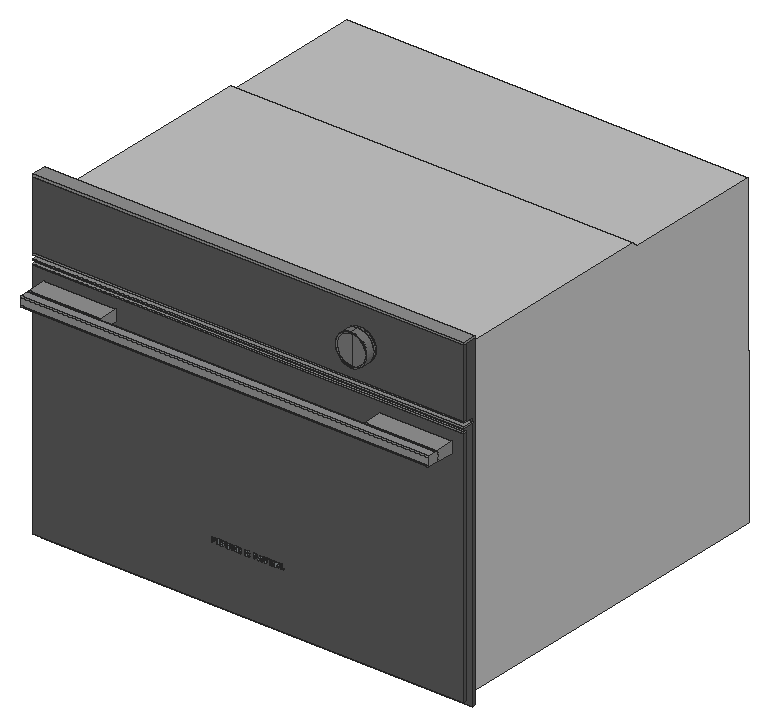
Revit family "FP-Revit19-en-OS60NMLB1-CombinationSteamOven-0-90003173A-AU-NZ-CN-IE-UK", category Specialty Equipment, Revit 2019
Family settings
  Round Connector Dimension = Use Diameter
  Part Type = Normal
  OmniClass Number = 23.40.40.14.17.11
  OmniClass Title = Cookers, Ovens, Stoves
  Work Plane-Based = No
  Always vertical = Yes
  Cut with Voids When Loaded = Yes
  Shared = No
  Room Calculation Point = No
Parameters (values of type "OS60NMLB1")
  Visibility - Clearance Required = yes
  URL = "www.fisherpaykel.com"
  Product - Height = 458 mm  # constant formula
  Product - Width = 596 mm  # constant formula
  Product - Depth (Exc. Handles) = 565 mm  # constant formula
  Opening - Height = 460 mm  # constant formula
  Model = "OS60NMLB1"
  Material - Trim = Fisher & Paykel - Aluminium, Dark
  Material - Structure = Fisher & Paykel - Black
  Material - Handle = Fisher & Paykel - Aluminium, Dark
  Material - Glass = Fisher & Paykel - Glass, Black
  Material - Dial = Fisher & Paykel - Aluminium, Dark, Matt
  Material - Body = Fisher & Paykel - Grey
  Manufacturer = "Fisher & Paykel Appliances"
  FFL Offset [instance] = 900 mm
  Description = "Combination Steam Oven, 60cm, 18 Function"
  Connector Description - Electrical = "220-240V, 50Hz ,15A"
  Chassis - Width = 556 mm  # constant formula
  Chassis - Height = 435 mm  # constant formula
  Chassis - Depth = 545 mm  # constant formula
  Cavity - Width = 560 mm  # constant formula
  Cavity - Height = 440 mm  # constant formula
  Cavity - Depth = 550 mm  # constant formula
Reference planes
  plane 1 "Datum": y = 0
  plane 2: z = -2
  plane 3 "Center (Left/Right)": x = 0
  plane 4 "Product - LHS": x = -298
  plane 5 "Product - RHS": x = 298
  plane 6 "Cavity - RHS": x = 280
  plane 7 "FFL Offset": z = 898
  plane 8 "Chassis - Depth": y = 545
  plane 9 "Front Face": y = -20
  plane 10 "Chassis - Height": z = 1333
  plane 11 "Cavity - Height": z = 1338
  plane 12 "Opening - Height": z = 1358
  plane 13 "Cavity - LHS": x = -280
  plane 14 "Cavity - Depth": y = 550
  plane 15 "Product - Height": z = 1356
  plane 16 "Opening - RHS": x = 300
  plane 17 "Opening - LHS": x = -300
  plane 18 "Chassis - LHS": x = -278
  plane 19 "Chassis - RHS": x = 278
Forms (mm)
  Extrusion 1, solid, material "Fisher & Paykel - Grey" <- "Material - Body"
    sketch origin (0, 0, 0) x (0, 1, 0) y (0, 0, 1)
      loop
        line (0, 1333) -> (0, 898) -> (528, 898) -> (528, 948) -> (545, 968) -> (545, 1163) -> (498, 1218) -> (498, 1326) -> (305, 1326) -> (298, 1333) -> (0, 1333)
    from -278 to 278
  Extrusion 2, solid, material "Fisher & Paykel - Black" <- "Material - Structure", detail levels fine
    sketch origin (0, 0, 0) x (0, 1, 0) y (0, 0, 1)
      loop
        line (0, 1352.7) -> (-16, 1352.7) -> (-16, 1256) -> (-4, 1256) -> (-4, 898) -> (0, 898) -> (0, 1352.7)
    from -298 to 298
  Extrusion 3, solid, material "Fisher & Paykel - Glass, Black" <- "Material - Glass", detail levels fine
    sketch origin (0, 0, -3) x (0, 1, 0) y (0, 0, 1)
      loop
        line (-20, 1246.4) -> (-20, 912.8) -> (-16, 912.8) -> (-16, 1246.4) -> (-20, 1246.4)
      loop
        line (-20, 1260.8) -> (-16, 1260.8) -> (-16, 1355.7) -> (-20, 1355.7) -> (-20, 1260.8)
    from -298 to 298
  Extrusion 4, solid, material "Fisher & Paykel - Clearance Required", visible <- "Visibility - Clearance Required", detail levels coarse
    sketch origin (0, 0, -2) x (1, 0, 0) y (0, 1, 0)
      loop
        line (-280, 0) -> (280, 0) -> (280, 550) -> (-280, 550) -> (-280, 0)
    from 900 to 1340
  Extrusion 5, void
    sketch origin (0, 0, 0) x (0, 1, 0) y (0, 0, 1)
      loop
        line (-20, 898) -> (0, 898) -> (0, 1358) -> (-20, 1358) -> (-20, 898)
    from -300 to 300
  Extrusion 6, solid, material "Fisher & Paykel - Grey" <- "Material - Body"
    sketch origin (0, 2, 0) x (0, 1, 0) y (0, 0, 1)
      loop
        line (496, 1293.999) -> (496, 1237) -> (517.999, 1237) -> (517.999, 1293.999) -> (496, 1293.999)
    from -221 to -127
  Extrusion 7, solid, material "Fisher & Paykel - Aluminium, Dark" <- "Material - Trim", detail levels fine
    sketch origin (0, 0, -1.199) x (0, 1, 0) y (0, 0, 1)
      loop
        line (-16, 1257.199) -> (-16, 1258.999) -> (-20, 1258.999) -> (-20, 1257.199) -> (-16, 1257.199)
      loop
        line (-16, 1244.599) -> (-16, 1246.199) -> (-20, 1246.199) -> (-20, 1244.599) -> (-16, 1244.599)
      loop
        line (-4, 1250.799) -> (-4, 1252.399) -> (-20, 1252.399) -> (-20, 1250.799) -> (-4, 1250.799)
      loop
        line (0, 1353.899) -> (0, 1357.199) -> (-20, 1357.199) -> (-20, 1353.899) -> (0, 1353.899)
    from -298 to 298
  Extrusion 8, void
    sketch origin (0, 0, -2) x (1, 0, 0) y (0, 1, 0)
      loop
        line (201.865, 545) -> (229, 498) -> (278, 498) -> (278, 545) -> (201.865, 545)
      loop
        line (-201.865, 545) -> (-278, 545) -> (-278, 498) -> (-229, 498) -> (-201.865, 545)
    from 900 to 1340
  Extrusion 9, solid, material "Fisher & Paykel - Grey" <- "Material - Body"
    sketch origin (0, 6.626, -14.403) x (0, 1, 0) y (0, 0, 1)
      loop
        circle (501.374, 1279.903) r 5
    from -271 to -221
  Extrusion 10, void
    sketch origin (0, 0, -2) x (1, 0, 0) y (0, 1, 0)
      loop
        line (-280, 0) -> (280, 0) -> (280, 550) -> (-280, 550) -> (-280, 0)
    from 900 to 1340
  Extrusion 11, solid, material "Fisher & Paykel - Glass, Black" <- "Material - Glass", detail levels coarse+medium
    sketch origin (0, 0, 0) x (0, 1, 0) y (0, 0, 1)
      loop
        line (0, 1356) -> (-20, 1356) -> (-20, 1256) -> (-4, 1256) -> (-4, 1251.2) -> (-4, 1242.5) -> (-16, 1242.5) -> (-16, 1245) -> (-20, 1245) -> (-20, 909.8) -> (-4, 909.8) -> (-4, 898) -> (0, 898) -> (0, 1356)
    from -298 to 298
  Extrusion 12, solid, material "Fisher & Paykel - Black", detail levels fine
    sketch origin (0, 0, 0) x (0, 1, 0) y (0, 0, 1)
      loop
        line (-16, 1242.5) -> (-16, 909.8) -> (-4, 909.8) -> (-4, 1242.5) -> (-16, 1242.5)
    from -278 to 278
  Extrusion 13, solid, material "Fisher & Paykel - Clearance Required", visible <- "Visibility - Clearance Required", detail levels coarse
    sketch origin (0, 0, -15) x (0, 1, 0) y (0, 0, 1)
      loop
        line (-20, 927.07) -> (-20, 913) -> (0, 913) -> (0, 1373) -> (-20, 1373) -> (-20, 1260)
        arc (-20, 1260) -> (-242.697, 1184.786) -> (-349.951, 975.626) r 312.455
        line (-349.951, 975.626) -> (-323.58, 971.745) -> (-329.921, 928.657) -> (-313.601, 926.256) -> (-307.26, 969.344) -> (-20, 927.07)
    from -300 to 300
Cuts and joins
  Extrusion 8 cuts Extrusion 1
Text (mm)
  text "Due to ongoing product development, product details are subject to change without notice. \nPlease always refer to www.fisherpaykel.com for the most current product information. \n© Fisher & Paykel 2020" at (41.04, -613.295, 0), in view "Ref. Level (Plan)"
Dimensions and locks
  equal spacing: plane 4 "Product - LHS", plane 3 "Center (Left/Right)", plane 5 "Product - RHS"
  "Product - Width": plane 4 "Product - LHS" to plane 5 "Product - RHS"
  "FFL Offset": plane 7 "FFL Offset" to level
  locked: plane 9 "Front Face" to plane 1 "Datum" at 20
  "Cavity - Height": plane 11 "Cavity - Height" to plane 7 "FFL Offset"
  "Chassis - Height": plane 10 "Chassis - Height" to plane 7 "FFL Offset"
  "Cavity - Depth": plane 1 "Datum" to plane 14 "Cavity - Depth"
  "Cavity - Width": plane 13 "Cavity - LHS" to plane 6 "Cavity - RHS"
  Extrusion 5 to Extrusion 3 = 11.8 mm
  "Chassis - Depth": plane 1 "Datum" to plane 8 "Chassis - Depth"
  equal spacing: plane 13 "Cavity - LHS", plane 3 "Center (Left/Right)", plane 6 "Cavity - RHS"
  "Opening - Height": plane 7 "FFL Offset" to plane 12 "Opening - Height"
  "Product - Height": plane 7 "FFL Offset" to plane 15 "Product - Height"
  equal spacing: cut or joined group of Extrusion 1, Extrusion 8, plane 3 "Center (Left/Right)", cut or joined group of Extrusion 1, Extrusion 8
  "Chassis - Width": cut or joined group of Extrusion 1, Extrusion 8 to cut or joined group of Extrusion 1, Extrusion 8
  locked: nested 2 to plane 15 "Product - Height" at 366.018
  locked: plane 15 "Product - Height" to nested 3 at 135
  locked: nested 1 to plane 15 "Product - Height" at 52
  aligned and locked: level to plane 2
  aligned and locked: plane 4 "Product - LHS" to Extrusion 3
  aligned and locked: Extrusion 3 to plane 5 "Product - RHS"
  aligned and locked: plane 4 "Product - LHS" to Extrusion 2
  aligned and locked: Extrusion 2 to plane 5 "Product - RHS"
  aligned and locked: Extrusion 1 to plane 7 "FFL Offset"
  aligned and locked: Extrusion 7 to plane 5 "Product - RHS"
  aligned and locked: Extrusion 7 to Extrusion 3
  aligned and locked: Extrusion 5 to Extrusion 3
  aligned and locked: Extrusion 3 to Extrusion 7
  aligned and locked: Extrusion 7 to plane 1 "Datum"
  aligned and locked: plane 9 "Front Face" to Extrusion 5
  aligned and locked: Extrusion 4 to plane 6 "Cavity - RHS"
  aligned and locked: Extrusion 9 to Extrusion 6
  aligned and locked: plane 11 "Cavity - Height" to Extrusion 4
  aligned and locked: Extrusion 5 to plane 12 "Opening - Height"
  aligned and locked: Extrusion 5 to Extrusion 2
  aligned and locked: Extrusion 7 to plane 15 "Product - Height"
  aligned and locked: Extrusion 7 to Extrusion 2
  aligned and locked: Extrusion 8 to Extrusion 1
  aligned and locked: Extrusion 4 to Extrusion 2
  aligned and locked: Extrusion 4 to Extrusion 8
  aligned and locked: Extrusion 4 to plane 7 "FFL Offset"
  aligned and locked: Extrusion 1 to Extrusion 8
  aligned and locked: Extrusion 11 sketch curve to plane 15 "Product - Height"
  aligned and locked: plane 11 "Cavity - Height" to Extrusion 10
  aligned and locked: Extrusion 2 to Extrusion 10
  aligned and locked: plane 10 "Chassis - Height" to Extrusion 1
  aligned and locked: Extrusion 3 to Extrusion 12
  aligned and locked: Extrusion 2 to Extrusion 3
Automatic sketch dimensions
  Extrusion 1 sketch curve to plane 1 "Datum" = 0 mm
  Extrusion 1 sketch curve to plane 10 "Chassis - Height" = 0 mm
  Extrusion 1 sketch curve to plane 7 "FFL Offset" = 0 mm
  Extrusion 1 sketch curve to plane 8 "Chassis - Depth" = 0 mm
  Extrusion 1 sketch curve to Extrusion 1 sketch curve = 7 mm
  Extrusion 1 sketch curve to plane 10 "Chassis - Height" = 7 mm
  plane 7 "FFL Offset" to Extrusion 1 sketch curve = 50 mm
  Extrusion 1 sketch curve to Extrusion 1 sketch curve = 20 mm
  Extrusion 1 sketch curve to Extrusion 1 sketch curve = 163 mm
  Extrusion 1 sketch curve to Extrusion 1 sketch curve = 55 mm
  Extrusion 2 sketch curve to plane 7 "FFL Offset" = 0 mm
  Extrusion 2 sketch curve to plane 1 "Datum" = 0 mm
  plane 1 "Datum" to Extrusion 2 sketch curve = 4 mm
  Extrusion 2 sketch curve to plane 9 "Front Face" = 4 mm
  Extrusion 2 sketch curve to plane 10 "Chassis - Height" = 77 mm
  plane 15 "Product - Height" to Extrusion 2 sketch curve = 3.3 mm
  Extrusion 3 sketch curve to plane 9 "Front Face" = 0 mm  (x2)
  Extrusion 3 sketch curve to Extrusion 3 sketch curve = 4 mm  (x2)
  plane 7 "FFL Offset" to Extrusion 3 sketch curve = 11.8 mm
  Extrusion 3 sketch curve to plane 10 "Chassis - Height" = 89.6 mm
  Extrusion 3 sketch curve to Extrusion 3 sketch curve = 14.4 mm
  plane 15 "Product - Height" to Extrusion 3 sketch curve = 3.3 mm
  Extrusion 4 sketch curve to plane 13 "Cavity - LHS" = 0 mm
  Extrusion 4 sketch curve to plane 6 "Cavity - RHS" = 0 mm
  plane 1 "Datum" to Extrusion 4 sketch curve = 0 mm
  Extrusion 4 sketch curve to plane 14 "Cavity - Depth" = 0 mm
  Extrusion 5 sketch curve to plane 9 "Front Face" = 0 mm
  Extrusion 5 sketch curve to plane 1 "Datum" = 0 mm
  Extrusion 5 sketch curve to plane 7 "FFL Offset" = 0 mm
  plane 12 "Opening - Height" to Extrusion 5 sketch curve = 0 mm
  Extrusion 6 sketch curve to Extrusion 6 sketch curve = 21.999 mm
  Extrusion 6 sketch curve to plane 10 "Chassis - Height" = 96 mm
  Extrusion 6 sketch curve to plane 10 "Chassis - Height" = 39.001 mm
  Extrusion 7 sketch curve to plane 9 "Front Face" = 0 mm  (x4)
  Extrusion 7 sketch curve to plane 1 "Datum" = 0 mm
  plane 15 "Product - Height" to Extrusion 7 sketch curve = 0 mm
  Extrusion 7 sketch curve to Extrusion 7 sketch curve = 4 mm  (x2)
  plane 1 "Datum" to Extrusion 7 sketch curve = 4 mm
  plane 15 "Product - Height" to Extrusion 7 sketch curve = 3.3 mm
  Extrusion 7 sketch curve to plane 10 "Chassis - Height" = 75.2 mm
  Extrusion 7 sketch curve to Extrusion 7 sketch curve = 1.8 mm
  Extrusion 7 sketch curve to Extrusion 7 sketch curve = 4.8 mm
  Extrusion 7 sketch curve to Extrusion 7 sketch curve = 1.6 mm  (x2)
  Extrusion 7 sketch curve to Extrusion 7 sketch curve = 4.6 mm
  Extrusion 8 sketch curve to plane 8 "Chassis - Depth" = 0 mm  (x2)
  Extrusion 8 sketch curve to plane 18 "Chassis - LHS" = 0 mm
  Extrusion 8 sketch curve to plane 19 "Chassis - RHS" = 0 mm
  Extrusion 8 sketch curve to Extrusion 8 sketch curve = 49 mm  (x2)
  Extrusion 8 sketch curve to Extrusion 8 sketch curve = 27.135 mm
  Extrusion 8 sketch curve to Extrusion 8 sketch curve = 76.135 mm
  Extrusion 9 sketch curve to plane 10 "Chassis - Height" = 67.5 mm
  Extrusion 10 sketch curve to plane 13 "Cavity - LHS" = 0 mm
  Extrusion 10 sketch curve to plane 6 "Cavity - RHS" = 0 mm
  plane 1 "Datum" to Extrusion 10 sketch curve = 0 mm
  Extrusion 10 sketch curve to plane 14 "Cavity - Depth" = 0 mm
  Extrusion 13 sketch curve to plane 9 "Front Face" = 0 mm  (x2)
  Extrusion 13 sketch curve to plane 1 "Datum" = 0 mm
  Extrusion 13 sketch curve to plane 7 "FFL Offset" = 0 mm
  plane 12 "Opening - Height" to Extrusion 13 sketch curve = 0 mm
  plane 9 "Front Face" to Extrusion 13 sketch curve = 18.71 mm
  plane 7 "FFL Offset" to Extrusion 13 sketch curve = 56.344 mm
  Extrusion 13 sketch curve to Extrusion 13 sketch curve = 268.55 mm
  plane 7 "FFL Offset" to Extrusion 13 sketch curve = 13.256 mm
  Extrusion 13 sketch curve to Extrusion 13 sketch curve = 6.341 mm
  plane 7 "FFL Offset" to Extrusion 13 sketch curve = 58.745 mm
  Extrusion 13 sketch curve to Extrusion 13 sketch curve = 16.32 mm
  plane 7 "FFL Offset" to Extrusion 13 sketch curve = 62.626 mm
  Extrusion 13 sketch curve to Extrusion 13 sketch curve = 21.035 mm
  Extrusion 11 sketch curve to plane 9 "Front Face" = 0 mm  (x2)
  Extrusion 11 sketch curve to plane 7 "FFL Offset" = 0 mm
  Extrusion 11 sketch curve to plane 1 "Datum" = 0 mm
  Extrusion 11 sketch curve to Extrusion 11 sketch curve = 4 mm
  plane 1 "Datum" to Extrusion 11 sketch curve = 4 mm  (x2)
  plane 7 "FFL Offset" to Extrusion 11 sketch curve = 11.8 mm
  Extrusion 11 sketch curve to plane 10 "Chassis - Height" = 90.5 mm
  Extrusion 11 sketch curve to Extrusion 11 sketch curve = 2.5 mm
  Extrusion 11 sketch curve to Extrusion 11 sketch curve = 8.7 mm
  Extrusion 11 sketch curve to Extrusion 11 sketch curve = 11 mm
  Extrusion 12 sketch curve to plane 9 "Front Face" = 4 mm
  plane 1 "Datum" to Extrusion 12 sketch curve = 4 mm
  plane 7 "FFL Offset" to Extrusion 12 sketch curve = 11.8 mm
  Extrusion 12 sketch curve to plane 10 "Chassis - Height" = 90.5 mm
  Extrusion 1 sketch curve to plane 8 "Chassis - Depth" = 247 mm
  Extrusion 1 sketch curve to plane 8 "Chassis - Depth" = 47 mm
  Extrusion 1 sketch curve to plane 8 "Chassis - Depth" = 17 mm
  Extrusion 6 sketch curve to plane 8 "Chassis - Depth" = 47 mm
  Extrusion 8 sketch curve to plane 8 "Chassis - Depth" = 47 mm  (x2)
  Extrusion 9 sketch curve to plane 8 "Chassis - Depth" = 37 mm
  radius of Extrusion 9 sketch curve = 5 mm
Nested families
  nested 1: "F&P Dial Minimal Oven" at (155.3, -20, 1304), type "F&P Dial Minimal Oven"
  nested 2: "F&P Logo 100mm" at (0.044, -20, 987.177), type "Grey"
  nested 3: "F&P Handle Contemporary Square Fine OB60-24" at (0, -20, 1221.022), type "Aluminium Black"
Connectors
  electrical at (-271, 508, 1265.5), driven by "Connector Description - Electrical"
    settings: on Extrusion 9, index 1, voltage 230 V, apparent load 0 VA, apparent load phase1 0 VA, apparent load phase2 0 VA, apparent load phase3 0 VA, power factor 1, load classification "Other", number of poles 1, system type 30, power factor state 1, is connector primary yes, connector utility no, sub classification motor no, connector description "220-240V, 50Hz ,15A"
Definition of nested family "F&P Dial Minimal Oven"
  Parameters (values of type "F&P Dial Minimal Oven")
    URL = "www.fisherpaykel.com"
    Material - Buttons and Dials = none
    Manufacturer = "Fisher & Paykel Appliances"
  Reference planes
    plane 1 "Center (Front/Back)": y = 0
    plane 2: z = 0
    plane 3 "Center (Left/Right)": x = 0
    plane 4: x = 0
    plane 5 "Dial": z = 0
  Forms (mm)
    Revolve 1, solid, material <- "Material - Buttons and Dials", detail levels fine
      sketch origin (0, 0, 0) x (0, 1, 0) y (0, 0, 1)
        loop
          line (-15.2, 0) -> (0, 0) -> (0, 22) -> (-0.8, 22) -> (-0.8, 18.5) -> (-4.2, 18.5) -> (-4.2, 20.136) -> (-4.7, 22) -> (-15.8, 22) -> (-15.8, 21.2) -> (-15.301, 20) -> (-15.301, 0)
        axis (-15.8, 0) -> (0, 0)
      angle from 0 to 360
    Revolve 2, solid, material <- "Material - Buttons and Dials", detail levels coarse+medium
      sketch origin (0, 0, 0) x (0, 1, 0) y (0, 0, 1)
        loop
          line (0, 18.5) -> (-4.2, 18.5) -> (-4.2, 22) -> (-15.8, 22) -> (-15.8, 0) -> (0, 0) -> (0, 18.5)
        axis (-15.8, 0) -> (0, 0)
      angle from 0 to 360
  Dimensions and locks
    aligned and locked: level to plane 2
Definition of nested family "F&P Logo 100mm"
  Parameters (values of type "Grey")
    URL = "www.fisherpaykel.com"
    Material - Logo = none
    Manufacturer = "Fisher & Paykel Appliances"
  Reference planes
    plane 1 "Center (Front/Back)": y = 0
    plane 2: z = 0
    plane 3 "Center (Left/Right)": x = 0
    plane 4 "Logo": z = 2.805
  Forms (mm)
    Extrusion 1, solid, material <- "Material - Logo", detail levels fine
      sketch origin (0, 0, 0) x (1, 0, 0) y (0, 0, 1)
        loop
          line (-50.044, 0) -> (-48.47, 0) -> (-48.47, 2.138) -> (-46.011, 2.138) -> (-46.011, 3.472) -> (-48.47, 3.472) -> (-48.47, 4.712) -> (-45.795, 4.712) -> (-45.795, 6.04) -> (-50.044, 6.04) -> (-50.044, 0)
        loop
          line (-42.804, 6.04) -> (-42.804, 0) -> (-41.23, 0) -> (-41.23, 6.04) -> (-42.804, 6.04)
        loop
          line (-30.724, 6.04) -> (-30.724, 0) -> (-29.151, 0) -> (-29.151, 2.42) -> (-26.839, 2.42) -> (-26.839, 0) -> (-25.265, 0) -> (-25.265, 6.04) -> (-26.839, 6.04) -> (-26.839, 3.748) -> (-29.151, 3.748) -> (-29.151, 6.04) -> (-30.724, 6.04)
        loop
          line (-21.906, 6.04) -> (-21.906, 0) -> (-17.602, 0) -> (-17.602, 1.328) -> (-20.347, 1.328) -> (-20.347, 2.42) -> (-17.838, 2.42) -> (-17.838, 3.748) -> (-20.347, 3.748) -> (-20.347, 4.712) -> (-17.602, 4.712) -> (-17.602, 6.04) -> (-21.906, 6.04)
        loop
          line (45.667, 6.04) -> (45.667, 0) -> (49.956, 0) -> (49.956, 1.328) -> (47.241, 1.328) -> (47.241, 6.04) -> (45.667, 6.04)
        loop
          line (42.431, 6.04) -> (38.112, 6.04) -> (38.112, 0) -> (42.431, 0) -> (42.431, 1.328) -> (39.687, 1.328) -> (39.687, 2.42) -> (42.195, 2.42) -> (42.195, 3.748) -> (39.687, 3.748) -> (39.687, 4.712) -> (42.431, 4.712) -> (42.431, 6.04)
        loop
          line (33.443, 3.137) -> (35.683, 6.04) -> (33.844, 6.04) -> (31.915, 3.542) -> (31.915, 6.04) -> (30.342, 6.04) -> (30.342, 0) -> (31.915, 0) -> (31.915, 2.705) -> (33.903, 0) -> (35.747, 0) -> (33.443, 3.137)
        loop
          line (21.98, 6.04) -> (24.262, 2.42) -> (24.262, 0) -> (25.837, 0) -> (25.837, 2.341) -> (28.119, 6.04) -> (26.446, 6.04) -> (25.099, 3.707) -> (23.753, 6.04) -> (21.98, 6.04)
        loop
          line (18.479, 6.04) -> (16.983, 6.04) -> (14.524, 0) -> (16.069, 0) -> (16.501, 1.112) -> (18.786, 1.112) -> (19.219, 0) -> (20.938, 0) -> (18.479, 6.04)
        loop
          line (18.4, 2.439) -> (17.693, 4.174) -> (17.018, 2.439) -> (18.4, 2.439)
        loop
          line (8.031, 6.04) -> (8.031, 0) -> (9.605, 0) -> (9.605, 1.938) -> (10.599, 1.938)
          arc (10.599, 1.938) -> (12.65, 3.989) -> (10.599, 6.04) r 2.051
          line (10.599, 6.04) -> (8.031, 6.04)
        loop
          line (9.605, 4.712) -> (9.605, 3.197) -> (10.501, 3.197)
          arc (10.501, 3.197) -> (11.259, 3.954) -> (10.501, 4.712) r 0.757
          line (10.501, 4.712) -> (9.605, 4.712)
        loop
          line (-11.783, 6.04) -> (-14.366, 6.04) -> (-14.366, 0) -> (-12.792, 0) -> (-12.792, 1.336) -> (-11.992, 1.336) -> (-10.972, 0) -> (-9.153, 0) -> (-10.694, 1.973)
          arc (-10.694, 1.973) -> (-9.678, 4.424) -> (-11.783, 6.04) r 2.179
        loop
          line (-11.897, 4.712) -> (-12.792, 4.712) -> (-12.792, 3.053) -> (-11.897, 3.053)
          arc (-11.897, 3.053) -> (-11.068, 3.882) -> (-11.897, 4.712) r 0.83
        loop
          line (0.477, 4.712) -> (0.477, 6.153) -> (-3.575, 6.153) -> (-3.575, 4.851) -> (-2.974, 4.112)
          arc (-2.974, 4.112) -> (-3.51, 0.684) -> (-0.045, 0.512) r 2.334
          line (-0.045, 0.512) -> (0.46, -0.109) -> (2.246, -0.109) -> (0.86, 1.594) -> (2.061, 3.324) -> (0.443, 3.324) -> (-0.013, 2.667) -> (-1.677, 4.712) -> (0.477, 4.712)
        loop
          arc (-2.125, 3.068) -> (-2.269, 1.668) -> (-0.868, 1.524) r 0.996
          line (-0.868, 1.524) -> (-2.125, 3.068)
        loop
          line (-35.18, 3.634) -> (-36.516, 3.91)
          arc (-36.516, 3.91) -> (-37.049, 4.443) -> (-36.516, 4.976) r 0.533
          arc (-36.516, 4.976) -> (-35.235, 4.79) -> (-34.059, 4.248) r 4.505
          line (-34.059, 4.248) -> (-34.059, 5.743)
          arc (-34.059, 5.743) -> (-35.549, 6.179) -> (-37.1, 6.109) r 4.726
          arc (-37.1, 6.109) -> (-38.536, 4.335) -> (-37.1, 2.561) r 1.814
          line (-37.1, 2.561) -> (-35.754, 2.282)
          arc (-35.754, 2.282) -> (-35.221, 1.749) -> (-35.754, 1.216) r 0.533
          arc (-35.754, 1.216) -> (-37.035, 1.402) -> (-38.211, 1.945) r 4.505
          line (-38.211, 1.945) -> (-38.211, 0.449)
          arc (-38.211, 0.449) -> (-36.72, 0.013) -> (-35.169, 0.083) r 4.726
          arc (-35.169, 0.083) -> (-33.734, 1.863) -> (-35.18, 3.634) r 1.814
      from 0 to 0.8
  Dimensions and locks
    aligned and locked: level to plane 2
Definition of nested family "F&P Handle Contemporary Square Fine OB60-24"
  Parameters (values of type "Aluminium Black")
    URL = "www.fisherpaykel.com"
    Material - Handle = none
    Manufacturer = "Fisher & Paykel Appliances"
    Handle - Length = 565 mm
  Reference planes
    plane 1 "Center (Front/Back)": y = 0
    plane 2: z = 0
    plane 3 "Center (Left/Right)": x = 0
    plane 4 "Product LHS": x = -282.5
    plane 5 "Product RHS": x = 282.5
    plane 6 "LHS Standoff": x = -182.495
    plane 7 "RHS Standoff": x = 182.505
    plane 8 "Handle centre": z = -0.022
    plane 9: z = -0.022
  Forms (mm)
    Extrusion 1, solid, material <- "Material - Handle", detail levels fine
      sketch origin (0, 0, 0) x (0, 1, 0) y (0, 0, 1)
        loop
          arc (-26.813, 6.16) -> (-27.196, 6.554) -> (-27.728, 6.686) r 1
          line (-27.728, 6.686) -> (-40.035, 6.256)
          arc (-40.035, 6.256) -> (-40.719, 5.951) -> (-41, 5.257) r 1
          line (-41, 5.257) -> (-41, -5.257)
          arc (-41, -5.257) -> (-40.719, -5.951) -> (-40.035, -6.256) r 1
          line (-40.035, -6.256) -> (-27.709, -6.686)
          arc (-27.709, -6.686) -> (-27.175, -6.554) -> (-26.792, -6.158) r 1
          arc (-26.792, -6.158) -> (-25.256, 0.004) -> (-26.813, 6.16) r 13.038
      from -282.5 to 282.5
    Extrusion 2, solid, material <- "Material - Handle", detail levels fine
      sketch origin (0, 0, 0) x (0, 1, 0) y (0, 0, 1)
        loop
          arc (-26.626, -6.008) -> (-26.614, -6.49) -> (-26.2, -6.737) r 0.5
          line (-26.2, -6.737) -> (0, -7.696) -> (0, 7.704) -> (-26.174, 6.747)
          arc (-26.174, 6.747) -> (-26.587, 6.5) -> (-26.6, 6.019) r 0.5
          arc (-26.6, 6.019) -> (-25.156, 0.002) -> (-26.626, -6.008) r 13.136
      from 182.505 to 282.5
    Extrusion 3, solid, material <- "Material - Handle", detail levels coarse+medium
      sketch origin (0, 0, 0) x (1, 0, 0) y (0, 1, 0)
        loop
          line (-282.5, -42) -> (282.5, -42) -> (282.5, 0) -> (182.505, 0) -> (182.505, -26.156) -> (-182.495, -26.156) -> (-182.495, 0) -> (-282.5, 0) -> (-282.5, -42)
      from -8.022 to 7.978
    Extrusion 4, solid, material <- "Material - Handle", detail levels fine
      sketch origin (0, 0, 0) x (0, 1, 0) y (0, 0, 1)
        loop
          arc (-26.626, -6.008) -> (-26.614, -6.49) -> (-26.2, -6.737) r 0.5
          line (-26.2, -6.737) -> (0, -7.696) -> (0, 7.704) -> (-26.174, 6.747)
          arc (-26.174, 6.747) -> (-26.587, 6.5) -> (-26.6, 6.019) r 0.5
          arc (-26.6, 6.019) -> (-25.156, 0.002) -> (-26.626, -6.008) r 13.136
      from -282.5 to -182.495
  Dimensions and locks
    equal spacing: plane 4 "Product LHS", plane 3 "Center (Left/Right)", plane 5 "Product RHS"
    "Handle - Length": plane 4 "Product LHS" to plane 5 "Product RHS"
    locked: plane 4 "Product LHS" to plane 6 "LHS Standoff" at 100.005
    locked: plane 7 "RHS Standoff" to plane 5 "Product RHS" at 99.995
    aligned and locked: level to plane 2
    aligned and locked: Extrusion 1 to plane 5 "Product RHS"
    aligned and locked: plane 4 "Product LHS" to Extrusion 1
    aligned and locked: Extrusion 2 to plane 5 "Product RHS"
    aligned and locked: plane 4 "Product LHS" to Extrusion 3 sketch curve
    aligned and locked: Extrusion 3 sketch curve to plane 5 "Product RHS"
    aligned and locked: Extrusion 3 sketch curve to plane 7 "RHS Standoff"
    aligned and locked: plane 6 "LHS Standoff" to Extrusion 3 sketch curve
    aligned and locked: plane 4 "Product LHS" to Extrusion 4
    aligned and locked: plane 6 "LHS Standoff" to Extrusion 4
    aligned and locked: Extrusion 2 to plane 7 "RHS Standoff"
  Automatic sketch dimensions
    Extrusion 1 sketch curve to level = 5.257 mm
    plane 1 "Center (Front/Back)" to Extrusion 1 sketch curve = 41 mm
    level to Extrusion 1 sketch curve = 6.256 mm
    Extrusion 1 sketch curve to Extrusion 1 sketch curve = 0.965 mm  (x2)
    Extrusion 1 sketch curve to level = 6.256 mm
    Extrusion 1 sketch curve to Extrusion 1 sketch curve = 0.035 mm  (x3)
    Extrusion 1 sketch curve to level = 0.018 mm
    Extrusion 1 sketch curve to Extrusion 1 sketch curve = 1.706 mm
    level to Extrusion 1 sketch curve = 6.686 mm
    Extrusion 1 sketch curve to Extrusion 1 sketch curve = 12.307 mm
    Extrusion 1 sketch curve to level = 6.686 mm
    Extrusion 1 sketch curve to Extrusion 1 sketch curve = 12.326 mm
    Extrusion 1 sketch curve to Extrusion 1 sketch curve = 0.999 mm  (x2)
    Extrusion 1 sketch curve to Extrusion 1 sketch curve = 0 mm
    Extrusion 2 sketch curve to plane 1 "Center (Front/Back)" = 0 mm
    level to Extrusion 2 sketch curve = 6.247 mm
    plane 1 "Center (Front/Back)" to Extrusion 2 sketch curve = 26.155 mm
    level to Extrusion 2 sketch curve = 6.747 mm
    Extrusion 2 sketch curve to Extrusion 2 sketch curve = 0.018 mm  (x2)
    Extrusion 2 sketch curve to level = 6.238 mm
    Extrusion 2 sketch curve to Extrusion 2 sketch curve = 0.026 mm
    Extrusion 2 sketch curve to level = 6.737 mm
    level to Extrusion 2 sketch curve = 0.03 mm
    Extrusion 2 sketch curve to Extrusion 2 sketch curve = 12.11 mm
    Extrusion 2 sketch curve to level = 7.696 mm
    level to Extrusion 2 sketch curve = 7.704 mm
    Extrusion 2 sketch curve to Extrusion 2 sketch curve = 0 mm
    plane 1 "Center (Front/Back)" to Extrusion 3 sketch curve = 42 mm
    Extrusion 3 sketch curve to Extrusion 3 sketch curve = 15.844 mm
    Extrusion 3 sketch curve to Extrusion 3 sketch curve = 26.156 mm  (x2)
    level to Extrusion 4 sketch curve = 0.03 mm
    plane 1 "Center (Front/Back)" to Extrusion 4 sketch curve = 38.291 mm
    Extrusion 4 sketch curve to level = 6.737 mm
    Extrusion 4 sketch curve to Extrusion 4 sketch curve = 12.091 mm
    Extrusion 4 sketch curve to Extrusion 4 sketch curve = 0.018 mm  (x2)
    level to Extrusion 4 sketch curve = 6.747 mm
    Extrusion 4 sketch curve to Extrusion 4 sketch curve = 0.008 mm
    level to Extrusion 4 sketch curve = 7.704 mm
    Extrusion 4 sketch curve to Extrusion 4 sketch curve = 26.174 mm
    Extrusion 4 sketch curve to level = 7.696 mm
    Extrusion 4 sketch curve to Extrusion 4 sketch curve = 0.5 mm  (x2)
    Extrusion 4 sketch curve to Extrusion 4 sketch curve = 0 mm
